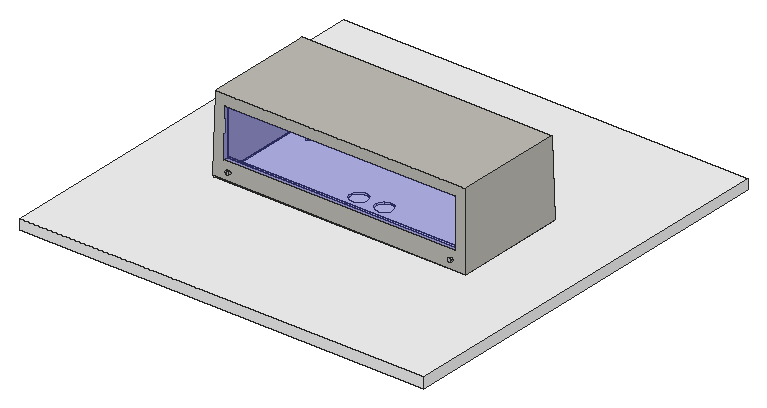
Revit family "BE_50594.4_de_DE", category Leuchten, Revit 2017
Family settings
  Basisbauteil = Fläche
  Bemaßung runder Anschluss = Durchmesser verwenden
  Teiletyp = Normal
  Beim Laden mit Abzugskörper schneiden = Ja
  Lichtquelle = Ja
  Gemeinsam genutzt = Nein
  Raumberechnungspunkt = Ja
Parameters (values of type "BEGA_50594.4_K4")
  built-in parameter 1150104 = 12.091 (stored number, unit not read)
  Wattage = 25.2 W
  Default Elevation = 0 mm
  built-in parameter 1150113 = 1 (stored number, unit not read)
  built-in parameter 1114218 = 1 (stored number, unit not read)
  Umgebungstemperatur = "25 °C"
  URL = "https://www.bega.com/de/produkt/50594.4"
  Typenkommentare = "© 2020 BEGA. Wir behalten uns das Recht vor, technische Änderungen ohne vorherige Ankündigung vorzunehmen."  # constant formula
  built-in parameter 1150134 = 12
  built-in parameter 1150109 = 1 (stored number, unit not read)
  Strom = ""
  built-in parameter 1150110 = 1 (stored number, unit not read)
  Spannung = 239.996 V
  Sonderanfertigung = no
  Seriennummer [instance] = "Hier können Sie die eindeutige Seriennummer für das Facility Management eintragen."
  Schutzklasse = "I"
  Schutzart = "IP 20"
  Scheinlast = 0 VA
  Produktdatenblatt = "http://www.bega.de/download/Xrfa/db/50594.4.db.de.pdf"
  Oberflächentemperatur = ""
  Neigungswinkel = 0.00°
  Modell = "50594.4K4"
  Material_33 = BEGA_Oberfläche_Palladium_matt
  Material_17 = BEGA_Reflektor
  Material_15 = BEGA_Leuchtmedium_matt
  Material_11 = BEGA_Glas_opal
  Material_09 = BEGA_Glas_klar
  Material_06 = BEGA_Oberfläche_Edelstahl_gebürstet
  Material_03 = BEGA_Oberfläche_Weiss_matt
  Material_02 = BEGA_Oberfläche_Silber_matt
  Material_01 [instance] = BEGA_Oberfläche_Grafit_matt
  M_W = no
  M_G = no
  M_A = no
  Logo = 0
  built-in parameter 1114217 = 1 (stored number, unit not read)
  built-in parameter 1150139 = (empty or 0)
  built-in parameter 1150105 = 261 (stored number, unit not read)
  built-in parameter 1150114 = 1 (stored number, unit not read)
  Lumens = 3279.78 lm
  built-in parameter 1150115 = 1 (stored number, unit not read)
  Leuchtenlichtstrom = "2330 lm"
  Leuchtenanzahl = ""
  Lebensdauerkriterien = "L70B50 @ 25 °C = 200000 h"
  Lastklassifizierung = Beleuchtung
  built-in parameter 1150112 = 1 (stored number, unit not read)
  Lampenlichtstrom = "3280 lm"
  Lampe = "LED 25.2 W"
  LED_Modulbezeichnung = "2x LED-0696/940"
  Hersteller = "BEGA"  # constant formula
  Halbstreuwinkel = ""
  Gewicht = "1.9 kg"
  Gebrauchslageneinschränkung [instance] = ""
  Frequenz = "0/50-60 Hz"
  Farbwiedergabeindex = "CRI > 90"
  Farbtemperaturverschiebung bei Dämpfen der Lampe = <Keine Auswahl>
  Farbtemperatur = "4000 K"
  Color Filter = 16777215
  built-in parameter 1150133 = 10 (stored number, unit not read)
  Energieeffizienzklasse = "LED A++ - A"
  built-in parameter 1150137 = (empty or 0)
  built-in parameter 1150132 = (empty or 0)
  ENEC = "ja"
  Dimmbar [instance] = ""
  Datei für fotometrisches Netz = "BE_50594K4.IES"
  CE_Konformität = "ja"
  Bestellnummer = "50594.4K4"
  Beschreibung_Sonderanfertigung = "Hier können Sie Informationen zur Sonderanfertigung eintragen."
  Beschreibung = "Wandfluter"
  built-in parameter 1150106 = 2.61 (stored number, unit not read)
  Befestigungsbohrung = "Ø 4,8 mm"
  Befestigungsabstand = "200 mm"
  Ballwurfsicher = ""
  BEGA_Intern_aus = yes
  BEGA_Intern_an = yes
  BEGA_Intern_Konstruktion = yes
  BEGA_Intern = yes
  BEGA_IES = yes
  BEGA_Dummy = no
  Anschlussleitung = ""
  Anschlussleistung [instance] = "29 W"
  Anschlusskasten = ""
  built-in parameter 1150107 = 4000 (stored number, unit not read)
  built-in parameter 1150102 = (empty or 0)
  built-in parameter 1150138 = (empty or 0)
  Aktualisierung = "2020-10-09T04:00:15"
  Abstand_zur_angestrahlten_Fläche [instance] = ""
  AC/DC = "AC/DC"
Types (2, lengths in mm): name | built-in parameter 1150104 | built-in parameter 1150134 | Modell | built-in parameter 1150105 | Lumens | Leuchtenlichtstrom | Lampenlichtstrom | LED_Modulbezeichnung | Farbtemperatur | Datei für fotometrisches Netz | Bestellnummer | built-in parameter 1150106 | built-in parameter 1150107
  BEGA_50594.4_K3 | 11.649 (stored number, unit not read) | (empty or 0) | "50594.4K3" | 251.45 (stored number, unit not read) | 3159.83 lm | "2244 lm" | "3160 lm" | "2x LED-0696/930" | "3000 K" | "BE_50594K3.IES" | "50594.4K3" | 2.5145 (stored number, unit not read) | 3000 (stored number, unit not read)
  BEGA_50594.4_K4 | 12.091 (stored number, unit not read) | 12 | "50594.4K4" | 261 (stored number, unit not read) | 3279.78 lm | "2330 lm" | "3280 lm" | "2x LED-0696/940" | "4000 K" | "BE_50594K4.IES" | "50594.4K4" | 2.61 (stored number, unit not read) | 4000 (stored number, unit not read)
Reference planes
  plane 1 "Mitte (Vorne/Hinten)": y = 0
  plane 2: z = 0
  plane 3 "Mitte (Links/Rechts)": x = 0
  plane 4 "Links": x = -125
  plane 5 "Rechts": x = 125
  plane 6 "Unten": y = -56
  plane 7 "Oben": y = 55
  plane 8 "Vorne": z = 76
  plane 9 "Hinten": z = 0
Forms (mm)
  Extrusion 1, solid, material "BEGA_Platte_Weiss"
    sketch origin (0, -1119.2, 0) x (1, 0, 0) y (0, 1, 0)
      loop
        line (-200, 1319.2) -> (-200, 919.2) -> (200, 919.2) -> (200, 1319.2) -> (-200, 1319.2)
    from 0 to -10
  Extrusion 2, solid, material "BEGA_Dummy_matt", visible <- "BEGA_Dummy"
    sketch origin (80.095, -76.023, 0) x (1, 0, 0) y (0, 1, 0)
      loop
        line (-205.095, 131.023) -> (-205.095, 20.023) -> (44.905, 20.023) -> (44.905, 131.023) -> (-205.095, 131.023)
    from 0 to 76
Dimensions and locks
  plane 1 "Mitte (Vorne/Hinten)" to Extrusion 1 = 200 mm
  aligned and locked: plane 2 to Extrusion 1
  aligned and locked: level to Extrusion 1
Nested families
  nested 1: "BE_50594.4" at (0, 0, 0) x (-1, 0, 0) z (0, 0, 1), type "BE_50594.4"
Connectors
  electrical at (0, 0, 0), driven by "Lastklassifizierung", driven by "Spannung", driven by "Scheinlast"
    settings: index 1, voltage 239.996 V, apparent load 0 VA, apparent load phase1 0 VA, apparent load phase2 0 VA, apparent load phase3 0 VA, power factor 1, load classification "Beleuchtung", number of poles 1, system type 31, power factor state 1, is connector primary yes, connector utility no, sub classification motor no, connector description ""
Definition of nested family "BE_50594.4"
  Parameters (values of type "BE_50594.4")
    Default Elevation = 1 mm
    URL = "http://www.bega.de/de/produkt"
    Type Comments = "© 2015 BEGA. Wir behalten uns das Recht vor, technische Änderungen ohne vorherige Ankündigung vorzunehmen. "  # constant formula
    Type Image = (empty or 0)
    Neigungswinkel_um_Z2 = 0.00°
    Neigungswinkel_um_Z1 = 0.00°
    Neigungswinkel_um_Y2 = 0.00°
    Neigungswinkel_um_Y1 = 0.00°
    Neigungswinkel_um_X2 = 0.00°
    Neigungswinkel_um_X1 = 0.00°
    Material_33 = none
    Material_17 = none
    Material_15 = none
    Material_11 = none
    Material_09 = none
    Material_08 = none
    Material_06 = none
    Material_05 = none
    Material_03 = none
    Material_02 = none
    Material_01 = none
    M_W = yes
    M_G = yes
    M_A = yes
    Länge_Platte = 400 mm  # constant formula
    Höhe_Platte = -10 mm  # constant formula
    Manufacturer = "BEGA"  # constant formula
    Drehwinkel_um_Z2 = 0.00°
    Drehwinkel_um_Z1 = 0.00°
    Breite_Platte = 200 mm  # constant formula
  Reference planes
    plane 1 "Mitte (Oben/Unten)": y = 0
    plane 2: z = 0
    plane 3 "Mitte (Links/Rechts)": x = 0
    plane 4: x = -125
    plane 5: z = 76
    plane 6: x = 125
    plane 7: y = 55
    plane 8: y = -55
  Forms (mm)
    Extrusion 1, solid, detail levels medium
      sketch origin (0, 0, 0) x (1, 0, 0) y (0, 1, 0)
        loop
          line (-200, 100) -> (-200, -100) -> (200, -100) -> (200, 100) -> (-200, 100)
      from 0 to -10 <- "Höhe_Platte"
    Extrusion 2, solid, material <- "Material_33", detail levels medium+fine
      sketch origin (0, 0, 0) x (1, 0, 0) y (0, 0, 1)
        loop
          line (-125, 1) -> (-121, 1) -> (-118.661, 68) -> (118.661, 68) -> (121, 1) -> (125, 1) -> (123.691, 76) -> (-123.691, 76) -> (-125, 1)
      from -55 to 55
    Extrusion 3, solid, material <- "Material_33", detail levels medium+fine
      sketch origin (0, 0, 0) x (1, 0, 0) y (0, 0, 1)
        loop
          line (123.691, 76) -> (-123.691, 76) -> (-125, 1) -> (125, 1) -> (123.691, 76)
      from -55 to -50.695
    Extrusion 4, solid, material <- "Material_33", detail levels medium+fine
      sketch origin (0, 0, 0) x (1, 0, 0) y (0, 0, -1)
        loop
          line (123.691, -76) -> (125, -1) -> (-125, -1) -> (-123.691, -76) -> (123.691, -76)
      from -55 to -50.695
    Extrusion 5, void
      sketch origin (0, 0, 0) x (0, 1, 0) y (0, 0, 1)
        loop
          line (55, 1) -> (55.86, 1.015) -> (55.86, 78.41) -> (53.649, 78.41) -> (55, 1)
        loop
          line (-55, 1) -> (-53.649, 78.41) -> (-55.86, 78.41) -> (-55.86, 1.015) -> (-55, 1)
      from -135.401 to 130.838
    Sweep 6, solid, material <- "Material_03", detail levels medium+fine
      path origin (0, 0, 0) x (1, 0, 0) y (0, 1, 0)
        loop
          line (-125, 55) -> (-125, -55) -> (125, -55) -> (125, 55) -> (-125, 55)
      profile origin (-125, 0, 0) x (1, 0, 0) y (0, 0, 1)
        loop
          line (0.5, 1) -> (0.5, 0) -> (2.572, 0)
          arc (2.572, 0) -> (3.337, 0.152) -> (3.986, 0.586) r 2
          line (3.986, 0.586) -> (5.107, 1.707)
          arc (5.107, 1.707) -> (5.432, 1.924) -> (5.814, 2) r 1
          line (5.814, 2) -> (11.938, 2) -> (11.938, 3) -> (5.814, 3)
          arc (5.814, 3) -> (5.049, 2.848) -> (4.4, 2.414) r 2
          line (4.4, 2.414) -> (3.279, 1.293)
          arc (3.279, 1.293) -> (2.954, 1.076) -> (2.572, 1) r 1
          line (2.572, 1) -> (0.5, 1)
    Extrusion 7, solid, material <- "Material_03", detail levels medium+fine
      sketch origin (0, 0, 0) x (1, 0, 0) y (0, 1, 0)
        loop
          line (-113.062, 43.062) -> (-113.062, -43.062) -> (113.062, -43.062) -> (113.062, 43.062) -> (-113.062, 43.062)
      from 2 to 3
    Extrusion 8, void
      sketch origin (0, 0, 0) x (0, 1, 0) y (0, 0, 1)
        loop
          line (47.599, 66.082) -> (47.599, 18) -> (55.612, 18) -> (55.612, 66.082) -> (47.599, 66.082)
        loop
          line (-47.599, 66.082) -> (-55.612, 66.082) -> (-55.612, 18) -> (-47.599, 18) -> (-47.599, 66.082)
      from -114.499 to 114.499
    Extrusion 9, solid, material <- "Material_11", detail levels medium+fine
      sketch origin (0, 0, 0) x (0, 1, 0) y (0, 0, 1)
        loop
          line (54.603, 18.077) -> (53.765, 66.069) -> (49.366, 65.992) -> (50.203, 18) -> (54.603, 18.077)
      from -114.499 to 114.499
    Extrusion 10, solid, material <- "Material_11", detail levels medium+fine
      sketch origin (0, 0, 0) x (0, 1, 0) y (0, 0, 1)
        loop
          line (49.339, 67.492) -> (45.74, 67.429) -> (46.63, 16.437) -> (50.229, 16.5) -> (49.339, 67.492)
      from -116.248 to 116.218
    Extrusion 11, solid, material <- "Material_11", detail levels medium+fine
      sketch origin (0, 0, 0) x (0, -1, 0) y (0, 0, -1)
        loop
          line (54.603, -18.077) -> (50.203, -18) -> (49.366, -65.992) -> (53.765, -66.069) -> (54.603, -18.077)
      from -114.499 to 114.499
    Extrusion 12, solid, material <- "Material_11", detail levels medium+fine
      sketch origin (0, 0, 0) x (0, -1, 0) y (0, 0, -1)
        loop
          line (49.339, -67.492) -> (50.229, -16.5) -> (46.63, -16.437) -> (45.74, -67.429) -> (49.339, -67.492)
      from -116.248 to 116.218
    Extrusion 13, void
      sketch origin (0, 0, 0) x (1, 0, 0) y (0, 1, 0)
        loop
          circle (-100, 32.5) r 2.4
        loop
          circle (100, -32.5) r 2.4
        loop
          circle (-12.5, 15) r 8.5
        loop
          circle (12.5, 15) r 8.5
      from 0 to 6.68
    Revolve 14, solid, material <- "Material_06", detail levels fine
      sketch origin (110, 0, 0) x (0, 1, 0) y (0, 0, 1)
        loop
          line (56, 9) -> (56, 11) -> (53.425, 11) -> (53.425, 9) -> (56, 9)
        axis (56, 9) -> (53.425, 9)
      angle from 0 to 360
    Revolve 15, solid, material <- "Material_06", detail levels fine
      sketch origin (-110, 0, 0) x (0, 1, 0) y (0, 0, -1)
        loop
          line (56, -9) -> (53.425, -9) -> (53.425, -11) -> (56, -11) -> (56, -9)
        axis (56, -9) -> (53.425, -9)
      angle from 0 to 360
  Cuts and joins
    Extrusion 5, Extrusion 8 cuts Extrusion 2
    Extrusion 5, Extrusion 8 cuts Extrusion 3
    Extrusion 5, Extrusion 8 cuts Extrusion 4
    joined: Extrusion 2, Extrusion 3, Extrusion 4
    Extrusion 13 cuts Sweep 6
    Extrusion 13 cuts Extrusion 7
    joined: Sweep 6, Extrusion 7
    joined: Extrusion 9, Extrusion 10
    joined: Extrusion 11, Extrusion 12
  Dimensions and locks
    equal spacing: Extrusion 1 sketch curve, plane 3 "Mitte (Links/Rechts)", Extrusion 1 sketch curve
    equal spacing: Extrusion 1 sketch curve, plane 1 "Mitte (Oben/Unten)", Extrusion 1 sketch curve
    "Länge_Platte": Extrusion 1 sketch curve to Extrusion 1 sketch curve
    "Breite_Platte": Extrusion 1 sketch curve to Extrusion 1 sketch curve
    aligned and locked: plane 2 to Extrusion 1
    aligned and locked: level to Extrusion 1
  Automatic sketch dimensions
    level to Extrusion 2 sketch curve = 1 mm  (x2)
    Extrusion 2 sketch curve to Extrusion 2 sketch curve = 1.309 mm
    Extrusion 2 sketch curve to Extrusion 2 sketch curve = 4 mm  (x2)
    Extrusion 2 sketch curve to Extrusion 2 sketch curve = 5.03 mm  (x2)
    Extrusion 2 sketch curve to Extrusion 2 sketch curve = 2.34 mm
    Extrusion 2 sketch curve to Extrusion 2 sketch curve = 67 mm
    Extrusion 2 sketch curve to Extrusion 2 sketch curve = 8 mm
    level to Extrusion 3 sketch curve = 1 mm
    Extrusion 3 sketch curve to Extrusion 3 sketch curve = 1.309 mm
    Extrusion 3 sketch curve to Extrusion 3 sketch curve = 75 mm
    level to Extrusion 4 sketch curve = 1 mm
    Extrusion 4 sketch curve to Extrusion 4 sketch curve = 1.309 mm
    Extrusion 4 sketch curve to Extrusion 4 sketch curve = 75 mm
    level to Extrusion 5 sketch curve = 1.015 mm
    plane 1 "Mitte (Oben/Unten)" to Extrusion 5 sketch curve = 55.86 mm
    level to Extrusion 5 sketch curve = 1 mm  (x2)
    Extrusion 5 sketch curve to Extrusion 5 sketch curve = 0.86 mm
    Extrusion 5 sketch curve to Extrusion 5 sketch curve = 2.211 mm  (x2)
    Extrusion 5 sketch curve to plane 1 "Mitte (Oben/Unten)" = 53.649 mm
    Extrusion 5 sketch curve to plane 1 "Mitte (Oben/Unten)" = 55 mm
    Extrusion 5 sketch curve to Extrusion 5 sketch curve = 0.015 mm
    plane 1 "Mitte (Oben/Unten)" to Sweep 6 sketch curve = 55 mm
    Sweep 6 sketch curve to plane 1 "Mitte (Oben/Unten)" = 55 mm
    Sweep 6 sketch curve to Sweep 6 sketch curve = 0 mm  (x9)
    Sweep 6 sketch curve to level = 0 mm
    Sweep 6 sketch curve to profile plane = 0.5 mm
    Sweep 6 sketch curve to Sweep 6 sketch curve = 2.072 mm
    level to Sweep 6 sketch curve = 1 mm  (x2)
    Sweep 6 sketch curve to Sweep 6 sketch curve = 3.243 mm
    level to Sweep 6 sketch curve = 2 mm
    Sweep 6 sketch curve to Sweep 6 sketch curve = 6.124 mm
    Sweep 6 sketch curve to Sweep 6 sketch curve = 1 mm  (x2)
    level to Sweep 6 sketch curve = 1.293 mm
    Sweep 6 sketch curve to Sweep 6 sketch curve = 0.707 mm  (x3)
    level to Sweep 6 sketch curve = 0.586 mm
    Sweep 6 sketch curve to Sweep 6 sketch curve = 1.414 mm
    level to Sweep 6 sketch curve = 1.707 mm
    plane 1 "Mitte (Oben/Unten)" to Extrusion 7 sketch curve = 43.062 mm
    Extrusion 7 sketch curve to plane 1 "Mitte (Oben/Unten)" = 43.062 mm
    plane 1 "Mitte (Oben/Unten)" to Extrusion 8 sketch curve = 55.612 mm
    Extrusion 8 sketch curve to Extrusion 8 sketch curve = 8.013 mm  (x2)
    level to Extrusion 8 sketch curve = 18 mm  (x2)
    Extrusion 8 sketch curve to plane 1 "Mitte (Oben/Unten)" = 47.599 mm
    Extrusion 8 sketch curve to Extrusion 8 sketch curve = 48.082 mm  (x2)
    Extrusion 9 sketch curve to plane 1 "Mitte (Oben/Unten)" = 49.366 mm
    level to Extrusion 9 sketch curve = 18 mm
    Extrusion 9 sketch curve to Extrusion 9 sketch curve = 0.838 mm
    Extrusion 9 sketch curve to Extrusion 9 sketch curve = 4.399 mm  (x2)
    level to Extrusion 9 sketch curve = 18.077 mm
    Extrusion 9 sketch curve to Extrusion 9 sketch curve = 47.993 mm
    Extrusion 9 sketch curve to Extrusion 9 sketch curve = 0.077 mm
    Extrusion 10 sketch curve to plane 1 "Mitte (Oben/Unten)" = 45.74 mm
    level to Extrusion 10 sketch curve = 16.437 mm
    Extrusion 10 sketch curve to plane 1 "Mitte (Oben/Unten)" = 46.63 mm
    Extrusion 10 sketch curve to Extrusion 10 sketch curve = 3.599 mm  (x2)
    level to Extrusion 10 sketch curve = 16.5 mm
    Extrusion 10 sketch curve to Extrusion 10 sketch curve = 50.992 mm
    Extrusion 10 sketch curve to Extrusion 10 sketch curve = 0.063 mm
    Extrusion 11 sketch curve to plane 1 "Mitte (Oben/Unten)" = 49.366 mm
    Extrusion 11 sketch curve to level = 18 mm
    Extrusion 11 sketch curve to Extrusion 11 sketch curve = 0.838 mm
    Extrusion 11 sketch curve to Extrusion 11 sketch curve = 4.399 mm  (x2)
    Extrusion 11 sketch curve to level = 18.077 mm
    Extrusion 11 sketch curve to Extrusion 11 sketch curve = 47.993 mm
    Extrusion 11 sketch curve to Extrusion 11 sketch curve = 0.077 mm
    Extrusion 12 sketch curve to plane 1 "Mitte (Oben/Unten)" = 45.74 mm
    Extrusion 12 sketch curve to level = 16.437 mm
    Extrusion 12 sketch curve to plane 1 "Mitte (Oben/Unten)" = 46.63 mm
    Extrusion 12 sketch curve to Extrusion 12 sketch curve = 3.599 mm  (x2)
    Extrusion 12 sketch curve to level = 16.5 mm
    Extrusion 12 sketch curve to Extrusion 12 sketch curve = 50.992 mm
    Extrusion 12 sketch curve to Extrusion 12 sketch curve = 0.063 mm
    Extrusion 13 sketch curve to plane 1 "Mitte (Oben/Unten)" = 32.5 mm
    Extrusion 13 sketch curve to plane 3 "Mitte (Links/Rechts)" = 100 mm
    Extrusion 13 sketch curve to plane 3 "Mitte (Links/Rechts)" = 12.5 mm
    plane 3 "Mitte (Links/Rechts)" to Extrusion 13 sketch curve = 12.5 mm
    plane 1 "Mitte (Oben/Unten)" to Extrusion 13 sketch curve = 32.5 mm
    Extrusion 13 sketch curve to Extrusion 13 sketch curve = 87.5 mm
    Extrusion 13 sketch curve to plane 1 "Mitte (Oben/Unten)" = 15 mm  (x2)
    level to Revolve 14 sketch curve = 11 mm
    Revolve 14 sketch curve to plane 1 "Mitte (Oben/Unten)" = 53.425 mm
    Revolve 14 sketch curve to Revolve 14 sketch curve = 2.575 mm
    Revolve 14 sketch curve to Revolve 14 sketch curve = 2 mm  (x2)
    Revolve 14 sketch curve to Revolve 14 sketch curve = 0.595 mm
    Revolve 14 sketch curve to Revolve 14 sketch curve = 0 mm
    level to Revolve 15 sketch curve = 11 mm
    Revolve 15 sketch curve to plane 1 "Mitte (Oben/Unten)" = 53.425 mm
    Revolve 15 sketch curve to Revolve 15 sketch curve = 2.575 mm
    Revolve 15 sketch curve to Revolve 15 sketch curve = 2 mm  (x2)
    Revolve 15 sketch curve to Revolve 15 sketch curve = 0.595 mm
    Revolve 15 sketch curve to Revolve 15 sketch curve = 0 mm
    plane 4 to Extrusion 2 sketch curve = 0 mm
    plane 4 to Extrusion 3 sketch curve = 0 mm
    plane 4 to Extrusion 4 sketch curve = 0 mm
    Sweep 6 sketch curve to plane 4 = 0 mm
    Extrusion 7 sketch curve to plane 4 = 11.938 mm
    Extrusion 2 sketch curve to plane 6 = 0 mm
    Extrusion 3 sketch curve to plane 6 = 0 mm
    Extrusion 3 sketch curve to plane 6 = 1.309 mm
    Extrusion 4 sketch curve to plane 6 = 0 mm
    Extrusion 4 sketch curve to plane 6 = 1.309 mm
    Sweep 6 sketch curve to plane 6 = 0 mm
    Extrusion 7 sketch curve to plane 6 = 11.938 mm
    radius of Extrusion 13 sketch curve = 2.4 mm  (x2)
    radius of Extrusion 13 sketch curve = 8.5 mm  (x2)
